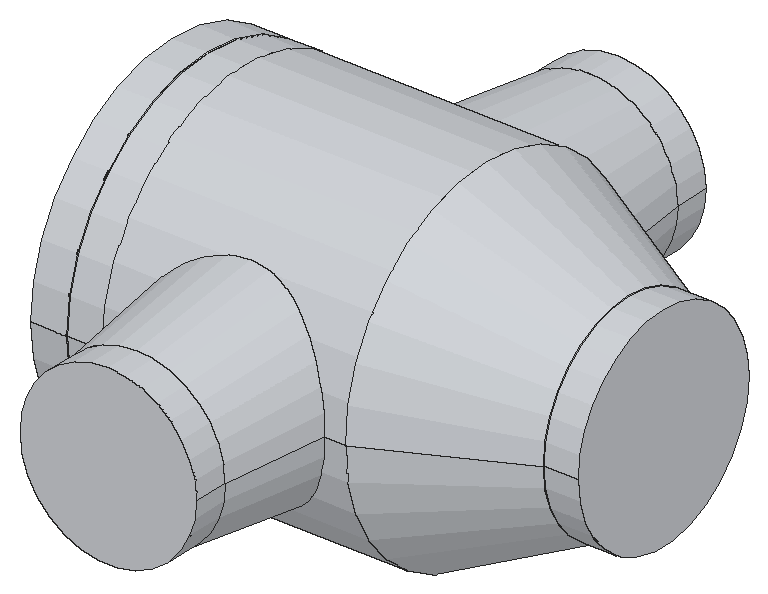
Revit family "M_Round Transition Conical Cross - 180 Degree - DTL", category Duct Fittings, Revit 2014
Parameters (values of type "Standard")
  Tap 2 Length [instance] = 150 mm
  Tap 2 Inset Label [instance] = 3048 mm + if(Tap 2 Angle 1 < 90.00°, Tap 2 Inset 1, if(Tap 2 Angle 1 = 90.00°, Tap 2 Inset 2, Tap 2 Inset 3))  # 3193 mm
  Tap 1 Inset Label [instance] = 3048 mm + if(Tap 1 Angle 1 < 90.00°, Tap 1 Inset 1, if(Tap 1 Angle 1 = 90.00°, Tap 1 Inset 2, Tap 1 Inset 3))  # 3193 mm
  Tap 2 Inset 3 [instance] = if(Tap 2 Angle 1 > 90.00°, Tap 2 Base Diameter 1 / 2 / sin(180.00° - Tap 2 Angle 1) + Body Radius 1 / tan(180.00° - Tap 2 Angle 1), 0 mm)  # 0 mm
  Tap 2 Inset 2 [instance] = if(Tap 2 Angle 1 = 90.00°, Tap 2 Base Radius 1, 0 mm)  # 145 mm
  Tap 2 Inset 1 [instance] = if(Tap 2 Angle 1 < 90.00°, (Length 2 - (Body Radius 1 / sin(Tap 2 Angle 1) - Length 2 / tan(Tap 2 Angle 1)) / tan(Tap 2 Angle 1)) * sin(Tap 2 Angle 1), 0 mm)  # 0 mm
  Tap 1 Inset 3 [instance] = if(Tap 1 Angle 1 > 90.00°, Tap 1 Base Diameter 1 / 2 / sin(180.00° - Tap 1 Angle 1) + Body Radius 1 / tan(180.00° - Tap 1 Angle 1), 0 mm)  # 0 mm
  Tap 1 Inset 2 [instance] = if(Tap 1 Angle 1 = 90.00°, Tap 1 Base Radius 1, 0 mm)  # 145 mm
  Tap 2 Inset [instance] = 25 mm
  Tap 2 Collar Length [instance] = 50 mm
  Length 2 [instance] = if(not(Tap 2 Angle 1 = 90.00°), (tan(Tap 2 Angle 1) * Tap 2 Base Radius 1 + tan(Angle 2) * tan(Tap 2 Angle 1) * Tap 2 Base Radius 1 / tan(Tap 2 Angle 1)) / (tan(Tap 2 Angle 1) - tan(Angle 2)), 0 mm)  # 0 mm
  Length 1 [instance] = if(not(Tap 1 Angle 1 = 90.00°), (tan(Tap 1 Angle 1) * Tap 1 Base Radius 1 + tan(Angle 1) * tan(Tap 1 Angle 1) * Tap 1 Base Radius 1 / tan(Tap 1 Angle 1)) / (tan(Tap 1 Angle 1) - tan(Angle 1)), 0 mm)  # 0 mm
  Angle 2 [instance] = if(not(Tap 2 Angle 1 = 90.00°), atan((Tap 2 Base Center Radius - Tap 2 Base Radius 1) / (Body Radius 1 / sin(Tap 2 Angle 1) + Tap 2 Base Radius 1 / tan(Tap 2 Angle 1))), 1.00°)  # 1.00°
  Angle 1 [instance] = if(not(Tap 1 Angle 1 = 90.00°), atan((Tap 1 Base Center Radius - Tap 1 Base Radius 1) / (Body Radius 1 / sin(Tap 1 Angle 1) + Tap 1 Base Radius 1 / tan(Tap 1 Angle 1))), 1.00°)  # 1.00°
  Tap 1 Inset 1 [instance] = if(Tap 1 Angle 1 < 90.00°, (Length 1 - (Body Radius 1 / sin(Tap 1 Angle 1) - Length 1 / tan(Tap 1 Angle 1)) / tan(Tap 1 Angle 1)) * sin(Tap 1 Angle 1), 0 mm)  # 0 mm
  Tap Insertion Length [instance] = if(Tap 1 Insertion Length > Tap 2 Insertion Length, (Tap 1 Insertion Length - Tap 2 Insertion Length) / 2 + Tap 2 Insertion Length, (Tap 2 Insertion Length - Tap 1 Insertion Length) / 2 + Tap 1 Insertion Length)  # 3318 mm
  Tap 2 Insertion Length [instance] = Tap 2 Inset Label + Tap 2 Length 3  # 3318 mm
  Tap 1 Insertion Length [instance] = Tap 1 Inset Label + Tap 1 Length 3  # 3318 mm
  Tap 2 Radius [instance] = 125 mm
  Tap 2 Offset From Center 1 [instance] = 3048 mm - Tap 2 Offset From Center  # 3048 mm
  Tap 2 Offset From Center [instance] = 0 mm
  Tap 2 Length 3 [instance] = Body Length 1 + Tap 2 Inset  # 125 mm
  Tap 2 Length 2 [instance] = Tap 2 Length 1 + Tap 2 Collar Length  # 450 mm
  Tap 2 Length 1 [instance] = Body Radius 1 / sin(Tap 2 Angle 1) + if(Tap 2 Angle 1 < 90.00°, Tap 2 Base Radius 1 / tan(Tap 2 Angle 1), if(Tap 2 Angle 1 = 90.00°, 0 mm, Tap 2 Base Radius 1 / tan(180.00° - Tap 2 Angle 1))) + Tap 2 Length  # 400 mm
  Tap 1 Length 3 [instance] = Body Length 1 + Tap 1 Inset  # 125 mm
  Tap 1 Inset [instance] = 25 mm
  Tap 1 Length 2 [instance] = Tap 1 Length 1 + Tap 1 Collar Length  # 450 mm
  Tap 2 Diameter 2 [instance] = if(Tap 2 Angle 1 < 90.00°, 2 * (((Body Radius 1 * (Tap 2 Base Diameter 1 - Tap 2 Diameter) / sin(Tap 2 Angle 1) + (Tap 2 Length + Tap 2 Base Radius 1 / tan(Tap 2 Angle 1)) * (Tap 2 Base Diameter 1 - Tap 2 Diameter)) / (2 * (Tap 2 Length + Tap 2 Base Radius 1 / tan(Tap 2 Angle 1)) - Tap 2 Base Diameter 1 / tan(Tap 2 Angle 1)) + Tap 2 Diameter / 2)), 0 mm)  # 0 mm
  Tap 2 Diameter 1 [instance] = if(Tap 2 Angle 1 = 90.00°, 2 * ((Tap 2 Base Diameter 1 - Tap 2 Diameter) / (2 * Tap 2 Length) * (Body Radius 1 + Tap 2 Length) + Tap 2 Diameter / 2), 0 mm)  # 356.667 mm
  Tap 1 Diameter 3 [instance] = if(Tap 1 Angle 1 > 90.00°, 2 * (((Body Radius 1 * (Tap 1 Base Diameter 1 - Tap 1 Diameter) / sin(180.00° - Tap 1 Angle 1) + (Tap 1 Length + Tap 1 Base Radius 1 / tan(180.00° - Tap 1 Angle 1)) * (Tap 1 Base Diameter 1 - Tap 1 Diameter)) / (2 * (Tap 1 Length + Tap 1 Base Radius 1 / tan(180.00° - Tap 1 Angle 1)) - Tap 1 Base Diameter 1 / tan(180.00° - Tap 1 Angle 1)) + Tap 1 Diameter / 2)), 0 mm)  # 0 mm
  Tap 1 Diameter 2 [instance] = if(Tap 1 Angle 1 < 90.00°, 2 * (((Body Radius 1 * (Tap 1 Base Diameter 1 - Tap 1 Diameter) / sin(Tap 1 Angle 1) + (Tap 1 Length + Tap 1 Base Radius 1 / tan(Tap 1 Angle 1)) * (Tap 1 Base Diameter 1 - Tap 1 Diameter)) / (2 * (Tap 1 Length + Tap 1 Base Radius 1 / tan(Tap 1 Angle 1)) - Tap 1 Base Diameter 1 / tan(Tap 1 Angle 1)) + Tap 1 Diameter / 2)), 0 mm)  # 0 mm
  Tap 1 Diameter 1 [instance] = if(Tap 1 Angle 1 = 90.00°, 2 * ((Tap 1 Base Diameter 1 - Tap 1 Diameter) / (2 * Tap 1 Length) * (Body Radius 1 + Tap 1 Length) + Tap 1 Diameter / 2), 0 mm)  # 356.667 mm
  Tap 2 Diameter [instance] = Tap 2 Radius * 2  # 250 mm
  Tap 2 Diameter 3 [instance] = if(Tap 2 Angle 1 > 90.00°, 2 * (((Body Radius 1 * (Tap 2 Base Diameter 1 - Tap 2 Diameter) / sin(180.00° - Tap 2 Angle 1) + (Tap 2 Length + Tap 2 Base Radius 1 / tan(180.00° - Tap 2 Angle 1)) * (Tap 2 Base Diameter 1 - Tap 2 Diameter)) / (2 * (Tap 2 Length + Tap 2 Base Radius 1 / tan(180.00° - Tap 2 Angle 1)) - Tap 2 Base Diameter 1 / tan(180.00° - Tap 2 Angle 1)) + Tap 2 Diameter / 2)), 0 mm)  # 0 mm
  Body Radius 1 [instance] = if(Radius In > Radius Out, if(not(Body Radius < Radius In), Body Radius, Radius In), if(not(Body Radius < Radius Out), Body Radius, Radius Out))  # 250 mm
  Tap 1 Radius [instance] = 125 mm
  Radius Out [instance] = 150 mm
  Radius In [instance] = 250 mm
  Tap 1 Offset From Center 2 [instance] = if(Tap 1 Offset From Length = 0 mm, 1 mm, 1 mm)  # 1 mm
  Tap 1 Offset From Center 1 [instance] = 3048 mm - Tap 1 Offset From Length  # 3048 mm
  Tap 1 Offset From Length [instance] = 0 mm
  Body Length 2 [instance] = Collar Out + Length Out 1  # 250 mm
  Length Out 1 [instance] = if(Length Out = 0 mm, 2 mm, Length Out)  # 200 mm
  Body Length 1 [instance] = Collar In + Length In 1  # 100 mm
  Length In 1 [instance] = if(Length In = 0 mm, 2 mm, Length In)  # 50 mm
  Collar Out [instance] = 50 mm
  Length Out [instance] = 200 mm
  Collar In [instance] = 50 mm
  Length In [instance] = 50 mm
  Tap 1 Length 1 [instance] = Body Radius 1 / sin(Tap 1 Angle 1) + if(Tap 1 Angle 1 < 90.00°, Tap 1 Base Radius 1 / tan(Tap 1 Angle 1), if(Tap 1 Angle 1 = 90.00°, 0 mm, Tap 1 Base Radius 1 / tan(180.00° - Tap 1 Angle 1))) + Tap 1 Length  # 400 mm
  Tap 1 Length [instance] = 150 mm
  Body Length [instance] = 345 mm
  Tap 1 Diameter [instance] = Tap 1 Radius * 2  # 250 mm
  Diameter Out [instance] = Radius Out * 2  # 300 mm
  Diameter In [instance] = Radius In * 2  # 500 mm
  Tap 1 Collar Length [instance] = 50 mm
  Tap 2 Base Radius 1 [instance] = if(Tap 2 Base Radius > Tap 2 Radius, Tap 2 Base Radius, Tap 2 Radius + 25 mm)  # 145 mm
  Tap 1 Base Radius 1 [instance] = if(Tap 1 Base Radius > Tap 1 Radius, Tap 1 Base Radius, Tap 1 Radius + 25 mm)  # 145 mm
  Body Radius [instance] = 250 mm
  Body Diameter [instance] = Body Radius * 2  # 500 mm
  Tap 2 Base Radius [instance] = 145 mm
  Tap 1 Base Radius [instance] = 145 mm
  Tap 2 Base Diameter 1 [instance] = Tap 2 Base Radius 1 * 2  # 290 mm
  Tap 1 Base Diameter 1 [instance] = Tap 1 Base Radius 1 * 2  # 290 mm
  Tap 2 Base Diameter [instance] = Tap 2 Base Radius * 2  # 290 mm
  Tap 1 Base Diameter [instance] = Tap 1 Base Radius * 2  # 290 mm
  Tap 2 Base Center Radius [instance] = Tap 2 Base Center Diameter / 2  # 178.333 mm
  Tap 1 Base Center Radius [instance] = Tap 1 Base Center Diameter / 2  # 178.333 mm
  Tap 2 Base Center Diameter [instance] = if(Tap 2 Angle 1 < 90.00°, abs(Tap 2 Diameter 2), if(Tap 2 Angle 1 = 90.00°, abs(Tap 2 Diameter 1), abs(Tap 2 Diameter 3)))  # 356.667 mm
  Tap 1 Base Center Diameter [instance] = if(Tap 1 Angle 1 < 90.00°, abs(Tap 1 Diameter 2), if(Tap 1 Angle 1 = 90.00°, abs(Tap 1 Diameter 1), abs(Tap 1 Diameter 3)))  # 356.667 mm
  Tap 2 Angle 1 [instance] = 90.00°
  Tap 1 Angle 1 [instance] = 90.00°
Reference planes
  plane 1 "Center (Front/Back)": y = 0
  plane 2: z = 0
  plane 3 "Center (Left/Right)": x = 0
  plane 4: x = -170
  plane 5: x = 175
  plane 6: x = -220
  plane 7: x = -270
  plane 8: x = 375
  plane 9: x = 425
  plane 10: z = -3048
  plane 11: z = 0
  plane 12: z = -1
  plane 13: x = 0
  plane 14: x = -145
  plane 15: x = -3193
  plane 16: x = -219.008
  plane 17: x = 374.008
  plane 18: z = 1
  plane 19: z = 0
  plane 20: x = 0
  plane 21: x = -145
  plane 22: x = -3193
  plane 23: x = -3318
Forms (mm)
  Sweep 1, solid, detail levels medium+fine
    path in 3D
      loop
        line (-270, 0, 0) -> (-219.008, 0, 0)
    profile origin (-244.504, 0, 0) x (0, 1, 0) y (0, 0, 1)
      loop
        circle (0, 0) r 250
  Sweep 2, solid, detail levels medium+fine
    path in 3D
      loop
        line (-170, 0, 0) -> (175, 0, 0)
    profile origin (2.5, 0, 0) x (0, 1, 0) y (0, 0, 1)
      loop
        circle (0, 0) r 250
  Sweep 3, solid, detail levels medium+fine
    path in 3D
      loop
        line (374.008, 0, 0) -> (425, 0, 0)
    profile origin (399.504, 0, 0) x (0, 1, 0) y (0, 0, 1)
      loop
        circle (0, 0) r 150
  SweptBlend 4, solid, detail levels medium+fine
    path in 3D
      loop
        line (0, 0, 0) -> (0, -400, 0)
    profile origin (0, 0, 0) x (1, 0, 0) y (0, 0, 1)
      loop
        circle (0, 0) r 178.333
    end profile origin (0, -400, 0) x (1, 0, 0) y (0, 0, 1)
      loop
        circle (0, 0) r 125
  Sweep 5, solid, detail levels medium+fine
    path in 3D
      loop
        line (0, 0, 0) -> (0, -450, 0)
    profile origin (0, -225, 0) x (1, 0, 0) y (0, 0, 1)
      loop
        circle (0, 0) r 125
  SweptBlend 6, solid, detail levels medium+fine
    path in 3D
      loop
        line (0, 0, 0) -> (0, 400, 0)
    profile origin (0, 0, 0) x (-1, 0, 0) y (0, 0, 1)
      loop
        circle (0, 0) r 178.333
    end profile origin (0, 400, 0) x (-1, 0, 0) y (0, 0, 1)
      loop
        circle (0, 0) r 125
  Sweep 7, solid, detail levels medium+fine
    path in 3D
      loop
        line (0, 0, 0) -> (0, 450, 0)
    profile origin (0, 225, 0) x (-1, 0, 0) y (0, 0, 1)
      loop
        circle (0, 0) r 125
  Blend 8, solid, detail levels medium+fine
    base sketch origin (0, 0, 0) x (0, 1, 0) y (0, 0, 1)
      loop
        circle (0, 0) r 250
    top sketch origin (0, 0, 0) x (0, 1, 0) y (0, 0, 1)
      loop
        circle (0, 0) r 250
    from -220 to -170
  Blend 9, solid, detail levels medium+fine
    base sketch origin (0, 0, 0) x (0, 1, 0) y (0, 0, 1)
      loop
        circle (0, 0) r 150
    top sketch origin (0, 0, 0) x (0, 1, 0) y (0, 0, 1)
      loop
        circle (0, 0) r 250
    from 375 to 175
Cuts and joins
  joined: Sweep 2, SweptBlend 4, Sweep 5, SweptBlend 6, Sweep 7, Blend 8, Blend 9
Lines and regions (mm)
  reference lines
    curve 1: line (-270, 0, 0) -> (-219.008, 0, 0)
    curve 2: line (374.008, 0, 0) -> (425, 0, 0)
    curve 3: line (-170, 0, 0) -> (175, 0, 0)
    curve 7: line (0, 0, 0) -> (0, -400, 0)
    curve 9: line (0, 0, 0) -> (0, -450, 0)
    curve 15: line (0, 0, 0) -> (0, 400, 0)
    curve 17: line (0, 0, 0) -> (0, 450, 0)
  sketch lines
    curve 4: line (-270, 0, 0) -> (-219.008, 0, 0)
    curve 5: line (-170, 0, 0) -> (175, 0, 0)
    curve 6: line (374.008, 0, 0) -> (425, 0, 0)
    curve 8: line (0, 0, 0) -> (0, -400, 0)
    curve 10: line (0, 0, 0) -> (0, -450, 0)
    curve 16: line (0, 0, 0) -> (0, 400, 0)
    curve 18: line (0, 0, 0) -> (0, 450, 0)
  model lines, detail levels coarse
    curve 11: line (-270, 0, 0) -> (425, 0, 0)
    curve 12: line (0, 0, 0) -> (0, -450, 0)
    curve 13: line (0, 0, 0) -> (0, 0, -1)
    curve 14: line (0, 0, 1) -> (0, 0, 0)
    curve 19: line (0, 0, 0) -> (0, 450, 0)
Dimensions and locks
  "Body Length": plane 4 to plane 5
  "Length In 1": plane 6 to plane 4
  "Body Length 1": plane 7 to plane 4
  "Length Out 1": plane 5 to plane 8
  "Body Length 2": plane 5 to plane 9
  locked: plane 2 to plane 10 at 3048
  "Tap 1 Offset From Center 1": plane 11 to plane 10
  "Tap 1 Offset From Center 2": plane 11 to plane 12
  "Tap 1 Length 1": curve 7 to curve 7
  "Tap 1 Length 3": plane 7 to plane 14
  locked: plane 15 to plane 14 at 3048
  "Tap 1 Inset Label": plane 15 to plane 13
  "Tap 1 Length 2": curve 9 to curve 9
  locked: plane 6 to plane 16 at 0.992
  locked: plane 17 to plane 8 at 0.992
  "Tap 1 Length 2": curve 12 to curve 12
  "Tap 1 Offset From Center 2": plane 18 to plane 19
  "Tap 2 Offset From Center 1": plane 19 to plane 10
  "Tap 2 Length 3": plane 7 to plane 21
  locked: plane 22 to plane 21 at 3048
  "Tap 2 Inset Label": plane 22 to plane 20
  "Tap 2 Length 1": curve 15 to curve 15
  "Tap 2 Length 2": curve 17 to curve 17
  "Tap 2 Length 2": curve 19 to curve 19
  locked: plane 23 to plane 7 at 3048
  "Tap Insertion Length": plane 23 to plane 3 "Center (Left/Right)"
  "Radius In": radius of Sweep 1 sketch curve
  "Body Radius 1": radius of Sweep 2 sketch curve
  "Radius Out": radius of Sweep 3 sketch curve
  "Tap 1 Base Center Radius": radius of SweptBlend 4 sketch curve
  "Tap 1 Radius": radius of SweptBlend 4 sketch curve
  "Tap 1 Radius": radius of Sweep 5 sketch curve
  "Tap 2 Base Center Radius": radius of SweptBlend 6 sketch curve
  "Tap 2 Radius": radius of SweptBlend 6 sketch curve
  "Tap 2 Radius": radius of Sweep 7 sketch curve
  "Radius In": radius of Blend 8 sketch curve
  "Body Radius 1": radius of Blend 8 sketch curve
  "Radius Out": radius of Blend 9 sketch curve
  "Body Radius 1": radius of Blend 9 sketch curve
  "Tap 1 Angle 1": angle curve 7 to plane 1 "Center (Front/Back)"
  "Tap 1 Angle 1": angle curve 9 to plane 1 "Center (Front/Back)"
  "Tap 1 Angle 1": angle curve 12 to plane 1 "Center (Front/Back)"
  "Tap 2 Angle 1": angle plane 1 "Center (Front/Back)" to curve 15
  "Tap 2 Angle 1": angle plane 1 "Center (Front/Back)" to curve 17
  "Tap 2 Angle 1": angle plane 1 "Center (Front/Back)" to curve 19
  aligned and locked: plane 7 to curve 1
  aligned and locked: plane 1 "Center (Front/Back)" to curve 1
  aligned and locked: plane 9 to curve 2
  aligned and locked: plane 1 "Center (Front/Back)" to curve 2
  aligned and locked: plane 5 to curve 3
  aligned and locked: plane 1 "Center (Front/Back)" to curve 3
  aligned and locked: plane 1 "Center (Front/Back)" to curve 7
  aligned and locked: plane 13 to curve 9
  aligned and locked: plane 9 to curve 11
  aligned and locked: plane 7 to curve 11
  aligned and locked: plane 1 "Center (Front/Back)" to curve 11
  aligned and locked: plane 1 "Center (Front/Back)" to curve 12
  aligned and locked: plane 13 to curve 12
  aligned and locked: curve 13 to plane 1 "Center (Front/Back)"
  aligned and locked: plane 12 to curve 13
  aligned and locked: plane 2 to curve 13
  aligned and locked: plane 2 to curve 14
  aligned and locked: plane 18 to curve 14
  aligned and locked: curve 14 to plane 1 "Center (Front/Back)"
  aligned and locked: plane 1 "Center (Front/Back)" to curve 17
  aligned and locked: plane 20 to curve 17
  aligned and locked: plane 1 "Center (Front/Back)" to curve 19
  aligned and locked: plane 20 to curve 19
  aligned and locked: Blend 8 to plane 6
  aligned and locked: plane 4 to Blend 8
  aligned and locked: plane 5 to Blend 9
  aligned and locked: plane 8 to Blend 9
  aligned and locked: plane 16 to curve 1
  aligned and locked: plane 17 to curve 2
Automatic sketch dimensions
  Sweep 1 sketch curve to profile plane = 0 mm  (x2)
  Sweep 2 sketch curve to profile plane = 0 mm  (x2)
  Sweep 3 sketch curve to profile plane = 0 mm  (x2)
  SweptBlend 4 sketch curve to profile plane = 0 mm  (x4)
  Sweep 5 sketch curve to profile plane = 0 mm  (x2)
  SweptBlend 6 sketch curve to profile plane = 0 mm  (x4)
  Sweep 7 sketch curve to profile plane = 0 mm  (x2)
  Blend 8 sketch curve to level = 0 mm  (x2)
  Blend 8 sketch curve to plane 1 "Center (Front/Back)" = 0 mm  (x2)
  Blend 9 sketch curve to level = 0 mm  (x2)
  Blend 9 sketch curve to plane 1 "Center (Front/Back)" = 0 mm  (x2)
  curve 3 to plane 4 = 0 mm
Connectors
  hvac at (-270, 0, 0), driven by "Radius In"
    settings: on Sweep 1, index 1, duct flow 0.0 L/s, flow factor 0, pres drop 0.0 Pa, loss coef 0, conn angle 0.00°, conn width 304.8 mm, conn height 304.8 mm, conn diameter 500 mm, duct sys type 28, conn prof type 0, flow config 0, flow direction 0, loss method 0, conn ref index 2, conn util no, is conn primary yes, conn desc ""
  hvac at (425, 0, 0), driven by "Radius Out"
    settings: on Sweep 3, index 2, duct flow 0.0 L/s, flow factor 0, pres drop 0.0 Pa, loss coef 0, conn angle 0.00°, conn width 304.8 mm, conn height 304.8 mm, conn diameter 300 mm, duct sys type 28, conn prof type 0, flow config 0, flow direction 0, loss method 0, conn ref index 1, conn util no, is conn primary no, conn desc ""
  hvac at (0, -450, 0), driven by "Tap 1 Radius", driven by "Tap 1 Angle 1"
    settings: on cut or joined group of Sweep 2, SweptBlend 4, Sweep 5, SweptBlend 6, Sweep 7, Blend 8, Blend 9, index 3, duct flow 0.0 L/s, flow factor 0, pres drop 0.0 Pa, loss coef 0, conn angle 90.00°, conn width 304.8 mm, conn height 304.8 mm, conn diameter 250 mm, duct sys type 28, conn prof type 0, flow config 0, flow direction 0, loss method 0, conn ref index 4, conn util no, is conn primary no, conn desc ""
  hvac at (0, 450, 0), driven by "Tap 2 Angle 1", driven by "Tap 2 Radius"
    settings: on cut or joined group of Sweep 2, SweptBlend 4, Sweep 5, SweptBlend 6, Sweep 7, Blend 8, Blend 9, index 4, duct flow 0.0 L/s, flow factor 0, pres drop 0.0 Pa, loss coef 0, conn angle 90.00°, conn width 304.8 mm, conn height 304.8 mm, conn diameter 250 mm, duct sys type 28, conn prof type 0, flow config 0, flow direction 0, loss method 0, conn ref index 3, conn util no, is conn primary no, conn desc ""
